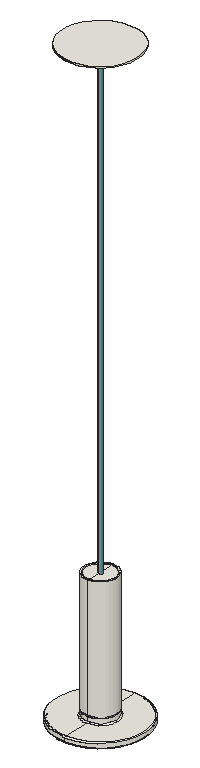
Revit family "Haworth_Cielo_PendantOneLight", category Lighting Fixtures, Revit 2018
Family settings
  Round Connector Dimension = Use Diameter
  Part Type = Normal
  OmniClass Number = 23.80.70.11.14
  OmniClass Title = General Luminaries, Directional
  Work Plane-Based = No
  Always vertical = Yes
  Cut with Voids When Loaded = No
  Light Source = Yes
  Shared = No
  Room Calculation Point = No
Parameters (values of type "LEP1-0610")
  Wattage Comments = "8 watts per light"
  Wattage = 2.85 W
  Warranty = "http://www.haworth.com/resources/product-info/warranties"
  built-in parameter 1150110 = 1 (stored number, unit not read)
  URL - Product = "http://www.haworth.com/products/lighting/pendant/cielo"
  URL = "http://www.haworth.com/our-brands/haworth-collection"
  Trim Finish [instance] = Haworth _ Leather _ PF Color System _ Turchese 70-215
  built-in parameter 1114217 = 1 (stored number, unit not read)
  built-in parameter 1150109 = 1 (stored number, unit not read)
  built-in parameter 1150134 = 5
  built-in parameter 1150113 = 1 (stored number, unit not read)
  Size = "Verify Final Dim. w/ Haworth"  # constant formula
  Revision Number = "1"  # constant formula
  Model = "LEP1-0610"
  Manufacturer = "Haworth"  # constant formula
  built-in parameter 1150105 = 90.718 (stored number, unit not read)
  Lumens = 285 lm
  built-in parameter 1150115 = 1 (stored number, unit not read)
  Light Source Symbol Size = 12"  # constant formula
  built-in parameter 1150137 = (empty or 0)
  built-in parameter 1150139 = (empty or 0)
  built-in parameter 1150112 = 1 (stored number, unit not read)
  Lamp Bottom Finish [instance] = Haworth _ Paint _ Collection White
  built-in parameter 1150114 = 1 (stored number, unit not read)
  Lamp Top Finish [instance] = Haworth _ Paint _ Collection White
  Lamp = "120V 60Hz"
  built-in parameter 1150132 = 2
  built-in parameter 1150102 = (empty or 0)
  built-in parameter 1150107 = 6000 (stored number, unit not read)
  built-in parameter 1150138 = (empty or 0)
  built-in parameter 1150106 = 22.68 (stored number, unit not read)
  Height = 120"  # constant formula
  Emit from Circle Diameter = 20"
  Emit Shape Visible in Rendering = no
  built-in parameter 1150104 = 9.2903 (stored number, unit not read)
  Dimming Lamp Color Temperature Shift = Incandescent Lamp Curve
  Description = "Haworth Cielo Pendant One Light"
  Color Filter = 16777215
  Bulb Finish = Haworth _ Paint _ Collection White
  Base Offset [instance] = 0"
  Base Length = 82 1/2"
  built-in parameter 1114218 = 1 (stored number, unit not read)
  Author = "Haworth (Hampton)"  # constant formula
  built-in parameter 1150133 = 2 (stored number, unit not read)
  Assembly Code = "D5020200"
Reference planes (in)
  plane 1 "Center F/B": y = 8.82887
  plane 2 "Base": z = 0
  plane 3 "Center L/R": x = 1.15861
  plane 4 "Lamp Height": z = 120
  plane 5 "Middle": x = 1.15861
Forms (in)
  Extrusion 1, solid, material "Haworth _ Paint _ Collection White" <- "Lamp Top Finish"
    sketch origin (0, 0, 30.04855) x (0, -1, 0) y (1, 0, 0)
      loop
        circle (-8.82887, 1.15861) r 2.5
    from 89.87271 to 89.95145
  Extrusion 2, solid, material "Haworth _ Leather _ PF Color System _ Turchese 70-215" <- "Trim Finish"
    sketch origin (0, 0, 30.04855) x (0, -1, 0) y (1, 0, 0)
      loop
        circle (-8.82887, 1.15861) r 0.12576
    from 57.6357 to 89.87271
  Revolve 3, solid, material "Haworth _ Paint _ Collection White" <- "Lamp Top Finish"
    sketch origin (1.15861, 0, 0) x (0, 1, 0) y (0, 0, 1)
      loop
        line (7.8385, 87.91224) -> (7.8385, 87.94342) -> (7.73968, 87.94342) -> (7.73968, 79.71325) -> (7.76181, 79.68165) -> (8.82887, 79.68165) -> (8.82887, 87.91224) -> (7.8385, 87.91224)
      axis (8.82887, 79.68165) -> (8.82887, 87.94342)
    angle from 0 to 360
  Revolve 4, solid, material "Haworth _ Paint _ Collection White" <- "Lamp Bottom Finish"
    sketch origin (1.15861, 0, 0) x (0, 1, 0) y (0, 0, 1)
      loop
        line (7.76181, 79.68165) -> (7.73829, 79.65812) -> (7.73829, 79.382) -> (7.65955, 79.30326) -> (5.88404, 79.30326) -> (5.82407, 79.24329) -> (5.82407, 78.97326) -> (5.88407, 78.91326) -> (5.98188, 78.91326) -> (5.98188, 79.11168) -> (8.82887, 79.11168) -> (8.82887, 79.68165) -> (7.76181, 79.68165)
      loop
        line (7.85048, 87.93538) -> (7.85048, 87.9042) -> (8.82887, 87.9042) -> (8.82887, 87.93538) -> (7.85048, 87.93538)
      axis (8.82887, 78.91326) -> (8.82887, 87.93538)
    angle from 0 to 360
  Revolve 5, solid, material "Haworth _ Paint _ Collection White" <- "Bulb Finish"
    sketch origin (1.15861, 0, 0) x (0, 1, 0) y (0, 0, 1)
      loop
        line (8.82887, 79.11168) -> (6.10718, 79.11168) -> (6.10718, 78.97326) -> (8.82887, 78.97326) -> (8.82887, 79.11168)
      axis (8.82887, 78.97326) -> (8.82887, 79.11168)
    angle from 0 to 360
Lines and regions (in)
  symbolic lines
    curve 1: circle (1.15861, 8.82887, 30.04855) r 3.125 normal (0, 0, -1)
    curve 2: circle (1.15861, 8.82887, 30.04855) r 8.5 normal (0, 0, -1)
Dimensions and locks (in)
  "Height": plane 4 "Lamp Height" to plane 2 "Base"
  plane 2 "Base" to level = 0"
  aligned and locked: plane 3 "Center L/R" to curve 1
  aligned and locked: plane 1 "Center F/B" to curve 1
  aligned and locked: plane 1 "Center F/B" to Extrusion 2 sketch curve
  aligned and locked: plane 3 "Center L/R" to Extrusion 2 sketch curve
  aligned and locked: plane 5 "Middle" to imposter light
  aligned and locked: imposter light to Revolve 4
  aligned and locked: imposter light to plane 1 "Center F/B"
Automatic sketch dimensions
  plane 1 "Center F/B" to Extrusion 1 sketch curve = 0"
  Extrusion 1 sketch curve to plane 3 "Center L/R" = 0"
  plane 1 "Center F/B" to curve 2 = 0"
  curve 2 to plane 3 "Center L/R" = 0"
  Revolve 3 sketch curve to plane 1 "Center F/B" = 0"
  plane 1 "Center F/B" to Revolve 3 sketch curve = 0.99037"
  plane 1 "Center F/B" to Revolve 3 sketch curve = 1.06705"
  Revolve 3 sketch curve to Revolve 3 sketch curve = 0.09881"
  plane 4 "Lamp Height" to Revolve 3 sketch curve = 40.31835"
  Revolve 3 sketch curve to Revolve 3 sketch curve = 0.0316"
  Revolve 3 sketch curve to Revolve 3 sketch curve = 8.23016"
  Revolve 3 sketch curve to Revolve 3 sketch curve = 0.03118"
  Revolve 4 sketch curve to plane 1 "Center F/B" = 0"  (x3)
  plane 1 "Center F/B" to Revolve 4 sketch curve = 0.97839"
  plane 1 "Center F/B" to Revolve 4 sketch curve = 1.06705"
  Revolve 4 sketch curve to Revolve 4 sketch curve = 0.02353"  (x2)
  Revolve 4 sketch curve to Revolve 4 sketch curve = 0.07874"  (x2)
  Revolve 4 sketch curve to Revolve 4 sketch curve = 1.67766"
  Revolve 4 sketch curve to Revolve 4 sketch curve = 0.09781"
  Revolve 4 sketch curve to Revolve 4 sketch curve = 0.09784"
  Revolve 4 sketch curve to Revolve 4 sketch curve = 0.05997"  (x2)
  plane 4 "Lamp Height" to Revolve 4 sketch curve = 41.08674"
  Revolve 4 sketch curve to Revolve 4 sketch curve = 0.06"
  Revolve 4 sketch curve to Revolve 4 sketch curve = 0.19842"
  Revolve 4 sketch curve to Revolve 4 sketch curve = 0.13161"
  Revolve 4 sketch curve to Revolve 4 sketch curve = 0.27612"
  Revolve 4 sketch curve to Revolve 4 sketch curve = 8.22256"
  Revolve 4 sketch curve to Revolve 4 sketch curve = 0.03118"
  Revolve 4 sketch curve to level = 12.52412"
  Revolve 4 sketch curve to Revolve 4 sketch curve = 7.91331"
  Revolve 5 sketch curve to plane 1 "Center F/B" = 0"  (x2)
  Revolve 5 sketch curve to Revolve 5 sketch curve = 2.72168"
  plane 4 "Lamp Height" to Revolve 5 sketch curve = 41.02674"
  Revolve 5 sketch curve to Revolve 5 sketch curve = 0.13842"
  Revolve 5 sketch curve to level = 12.77155"
  Revolve 5 sketch curve to Revolve 5 sketch curve = 16.48958"
  radius of Extrusion 1 sketch curve = 2 1/2"
  radius of Extrusion 2 sketch curve = 0.12576"
  radius of curve 1 = 3 1/8"
  radius of curve 2 = 8 1/2"
